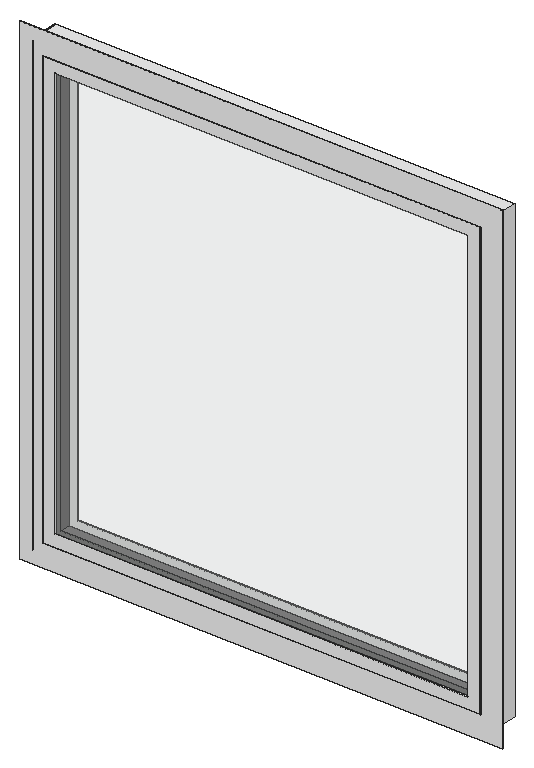
Revit family "Casement_34_C_Side_Hung_Custom", category Windows, host Wall, Revit 2014
Parameters (values of type "Casement_Sash_DG")
  Width Sash [instance] = 30 mm
  Width Sash Inner = 15 mm
  Width Bead = 15 mm
  Top Hung [instance] = yes
  Side Hung Right [instance] = yes
  Side Hung Left [instance] = yes
  Sash Opening Width [instance] = 600 mm
  Sash Opening Height [instance] = 600.312 mm
  Sash Lip = 15 mm
  Glazing Material [instance] = Glass
  DG Start Piece 2 [instance] = DG End Piece 1 + DG Gasket Thickness  # 25 mm
  DG Start Peice 1 [instance] = (Depth Sash - (2 * DG Glazing Thickness) - DG Gasket Thickness) / 2  # 6.6 mm
  Glazing Offset = 5 mm
  DG Glazing Thickness [instance] = 6.4 mm
  DG Gasket Thickness = 12 mm  # constant formula
  DG Gasket Material [instance] = Double Glazing Gasket Material
  DG End Piece 2 [instance] = DG Start Piece 2 + DG Glazing Thickness  # 31.4 mm
  DG End Piece 1 [instance] = DG Start Peice 1 + DG Glazing Thickness  # 13 mm
  Depth Sash [instance] = 38 mm
  Center Vertical Sash [instance] = Sash Opening Height / 2  # 300.156 mm
  Center Horizontal Sash [instance] = Sash Opening Width / 2  # 300 mm
  Bottom Hung [instance] = yes
  Bead Offset = 15 mm
  Aluminium Thickness = 1 mm
  Aluminium Material [instance] = White Powder Coated Aluminium
Reference planes
  plane 1 "Center (Front/Back)": y = 0
  plane 2: z = 0
  plane 3 "Center (Left/Right)": x = 0
Forms (mm)
  Sweep 1, solid, material "White Powder Coated Aluminium" <- "Aluminium Material"
    path origin (16.177, 0, 121.331) x (1, 0, 0) y (0, 0, 1)
      loop
        line (0, 0) -> (600, 0) -> (600, 600.312) -> (0, 600.312) -> (0, 0)
    profile origin (316.177, 0, 121.331) x (0, 0, 1) y (0, -1, 0)
      loop
        line (0, 0) -> (30, 0) -> (30, 1) -> (15, 1) -> (15, 38) -> (-15, 38) -> (-15, 37) -> (0, 37) -> (0, 0)
      loop
        line (14, 1) -> (14, 37) -> (1, 37) -> (1, 1) -> (14, 1)
  Sweep 2, solid, material "White Powder Coated Aluminium" <- "Aluminium Material"
    path origin (0, 0, 0) x (1, 0, 0) y (0, 0, 1)
      loop
        line (31.177, 706.643) -> (31.177, 136.331) -> (601.177, 136.331) -> (601.177, 706.643) -> (31.177, 706.643)
    profile origin (316.177, 0, 706.643) x (0, 0, 1) y (0, -1, 0)
      loop
        line (0, 37) -> (0, 38) -> (-15, 38) -> (-15, 37) -> (0, 37)
  Extrusion 3, solid, material "Glass" <- "Glazing Material"
    sketch origin (0, 0, 0) x (1, 0, 0) y (0, 0, 1)
      loop
        line (36.177, 701.643) -> (36.177, 141.331) -> (596.177, 141.331) -> (596.177, 701.643) -> (36.177, 701.643)
    from 6.6 <- "DG Start Peice 1" to 13 <- "DG End Piece 1"
  Extrusion 4, solid, material "Glass" <- "Glazing Material"
    sketch origin (0, 0, 0) x (1, 0, 0) y (0, 0, 1)
      loop
        line (36.177, 701.643) -> (36.177, 141.331) -> (596.177, 141.331) -> (596.177, 701.643) -> (36.177, 701.643)
    from 31.4 <- "DG End Piece 2" to 25 <- "DG Start Piece 2"
  Sweep 5, solid, material "Double Glazing Gasket Material" <- "DG Gasket Material"
    path origin (0, -13, 0) x (1, 0, 0) y (0, 0, 1)
      loop
        line (36.177, 701.643) -> (36.177, 141.331) -> (596.177, 141.331) -> (596.177, 701.643) -> (36.177, 701.643)
    profile origin (316.177, -13, 701.643) x (0, 0, 1) y (0, -1, 0)
      loop
        line (0, 0) -> (0, 12) -> (-7.96, 12) -> (-7.96, 0) -> (0, 0)
Lines and regions (mm)
  model lines
    curve 1: line (1.177, -38, 736.643) -> (31.177, -38, 706.643)
    curve 2: line (601.177, -38, 706.643) -> (631.177, -38, 736.643)
    curve 3: line (601.177, -38, 136.331) -> (631.177, -38, 106.331)
    curve 4: line (1.177, -38, 106.331) -> (31.177, -38, 136.331)
    curve 5: line (631.177, -37, 736.643) -> (616.177, -37, 721.643)
    curve 6: line (1.177, -37, 736.643) -> (16.177, -37, 721.643)
    curve 7: line (1.177, -37, 106.331) -> (16.177, -37, 121.331)
    curve 8: line (631.177, -37, 106.331) -> (616.177, -37, 121.331)
    curve 9: line (616.177, 0, 121.331) -> (586.177, 0, 151.331)
    curve 10: line (46.177, 0, 151.331) -> (16.177, 0, 121.331)
    curve 11: line (616.177, 0, 721.643) -> (586.177, 0, 691.643)
    curve 12: line (46.177, 0, 691.643) -> (16.177, 0, 721.643)
    curve 13: line (31.177, -38, 691.643) -> (46.177, -38, 691.643)
    curve 14: line (586.177, -38, 691.643) -> (601.177, -38, 691.643)
    curve 15: line (586.177, -38, 151.331) -> (601.177, -38, 151.331)
    curve 16: line (31.177, -38, 151.331) -> (46.177, -38, 151.331)
  model lines, style "GenericModelHiddenLines", visible <- "Top Hung"
    curve 17: line (46.386, -31.4, 690.914) -> (316.177, -31.4, 151.331)
    curve 18: line (316.177, -31.4, 151.331) -> (586.177, -31.4, 691.331)
  model lines, style "GenericModelHiddenLines", visible <- "Bottom Hung"
    curve 19: line (46.177, -31.4, 151.331) -> (316.177, -31.4, 691.331)
    curve 20: line (316.177, -31.4, 691.331) -> (586.177, -31.4, 151.331)
  model lines, style "GenericModelHiddenLines", visible <- "Side Hung Left"
    curve 21: line (46.386, -31.4, 690.914) -> (585.24, -31.4, 421.487)
    curve 22: line (585.24, -31.4, 421.487) -> (46.177, -31.4, 151.331)
  model lines, style "GenericModelHiddenLines", visible <- "Side Hung Right"
    curve 23: line (586.177, -31.4, 691.331) -> (46.177, -31.4, 421.487)
    curve 24: line (46.177, -31.4, 421.487) -> (586.177, -31.4, 151.331)
Dimensions and locks
  "Aluminium Thickness": Sweep 1 sketch curve to Sweep 1 sketch curve  (x4)
  "Depth Sash": Sweep 1 sketch curve to Sweep 1 sketch curve
  "Sash Opening Width": Sweep 1 to Sweep 1
  "Sash Opening Height": Sweep 1 to Sweep 1
  "Width Sash": Sweep 1 sketch curve to Sweep 1 sketch curve  (x2)
  "Width Sash Inner": Sweep 1 sketch curve to Sweep 1 sketch curve
  "Sash Lip": Sweep 1 sketch curve to Sweep 1 sketch curve
  "Aluminium Thickness": Sweep 1 to Sweep 2 sketch curve
  "Glazing Offset": Sweep 2 to Extrusion 3 sketch curve  (x3)
  "Glazing Offset": Extrusion 3 sketch curve to Sweep 2
  Sweep 1 to Sweep 1 = 1 mm
  "Aluminium Thickness": Sweep 2 sketch curve to Sweep 2 sketch curve
  "Width Bead": Sweep 2 sketch curve to Sweep 2 sketch curve
  locked: Sweep 5 sketch curve to Sweep 5 sketch curve at 7.96
  "Center Horizontal Sash": Sweep 1 to curve 18
  "Center Horizontal Sash": Sweep 1 to curve 20
  "Center Vertical Sash": Sweep 1 to curve 22
  "Center Vertical Sash": Sweep 1 to curve 24
  aligned and locked: level to plane 2
  aligned and locked: Sweep 1 sketch curve to Sweep 1 sketch curve  (x2)
  aligned and locked: Sweep 2 sketch curve to Sweep 1  (x5)
  aligned and locked: Extrusion 4 sketch curve to Extrusion 3  (x4)
  aligned and locked: Sweep 5 sketch curve to Extrusion 3  (x5)
  aligned and locked: Extrusion 3 to Sweep 5 sketch curve
Automatic sketch dimensions
  plane 3 "Center (Left/Right)" to Sweep 1 sketch curve = 16.177 mm
  level to Sweep 1 sketch curve = 121.331 mm
  plane 3 "Center (Left/Right)" to Sweep 1 sketch curve = 616.177 mm
  level to Sweep 1 sketch curve = 721.643 mm
  profile plane to Sweep 5 sketch curve = 12 mm
  curve 7 to Sweep 1 = 0 mm  (x4)
  curve 6 to Sweep 1 = 0 mm  (x3)
  Sweep 1 to curve 6 = 0 mm
  curve 5 to Sweep 1 = 0 mm  (x3)
  curve 8 to Sweep 1 = 0 mm  (x4)
  Sweep 1 to curve 5 = 0 mm
  curve 16 to Sweep 2 = 0 mm  (x3)
  curve 13 to Sweep 2 = 0 mm  (x3)
  curve 15 to Sweep 2 = 0 mm
  Sweep 2 to curve 15 = 0 mm  (x2)
  curve 14 to Sweep 2 = 0 mm  (x2)
  Sweep 2 to curve 14 = 0 mm
  curve 1 to Sweep 1 = 0 mm  (x4)
  curve 4 to Sweep 1 = 0 mm  (x3)
  Sweep 1 to curve 4 = 0 mm
  curve 3 to Sweep 1 = 0 mm  (x3)
  curve 2 to Sweep 1 = 0 mm  (x4)
  Sweep 1 to curve 3 = 0 mm
  curve 10 to Sweep 1 = 0 mm  (x4)
  curve 12 to Sweep 1 = 0 mm  (x3)
  Sweep 1 to curve 12 = 0 mm
  curve 9 to Sweep 1 = 0 mm  (x4)
  curve 11 to Sweep 1 = 0 mm  (x3)
  Sweep 1 to curve 11 = 0 mm
  Sweep 1 sketch curve to plane 1 "Center (Front/Back)" = 0 mm
  profile plane to Sweep 1 sketch curve = 0 mm
  curve 21 to Extrusion 4 = 10.208 mm
  curve 19 to Extrusion 4 = 10 mm
  curve 23 to Extrusion 4 = 10 mm  (x2)
  curve 22 to Extrusion 4 = 10.937 mm
  curve 20 to Extrusion 4 = 10 mm
  curve 24 to Extrusion 4 = 10 mm
  curve 22 to Extrusion 4 = 10 mm
  curve 18 to Extrusion 4 = 10 mm
  curve 21 to Extrusion 4 = 10.729 mm
  curve 19 to Extrusion 4 = 10.312 mm
  curve 18 to Extrusion 4 = 10.312 mm
